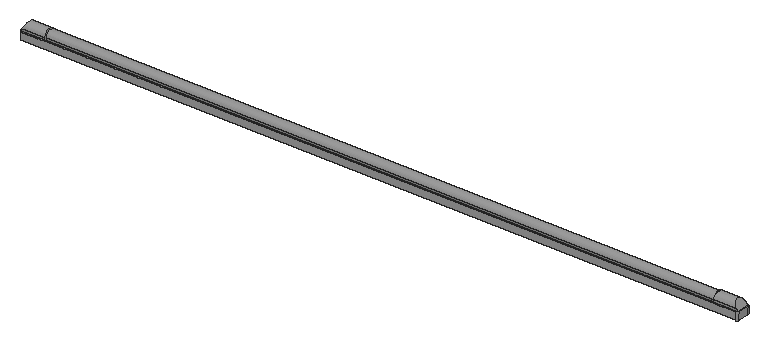
Revit family "0045161 Sylvania Lighting Fixture LED IP20 BATTEN L1800 SINGLE 4000K", category Lighting Fixtures, host Face, Revit 2017
Family settings
  Host = Face
  Round Connector Dimension = Use Diameter
  Part Type = Normal
  OmniClass Number = 23.80.70.00
  OmniClass Title = Lighting
  Cut with Voids When Loaded = No
  Light Source = Yes
  Shared = No
  Room Calculation Point = No
Parameters (values of type "0045161 LED IP20 BATTEN L1800 SINGLE 4000K")
  Width_SYL = if(Twin_SYL, 82 mm, 37 mm)  # 37 mm
  Weight = "14.4 kg"
  Wattage Comments = ""
  Wattage = 9.2903 W
  WarrantyStartDate [instance] = "n/a"
  WarrantyGuarantorParts = "n/a"
  WarrantyDurationUnit = "n/a"
  WarrantyDurationParts = "n/a"
  WarrantyDescription = "n/a"
  built-in parameter 1150110 = 1 (stored number, unit not read)
  Voltage = 230 V
  VisibilityTwin_SYL = Twin_SYL  # no
  VisibilitySingle_SYL = not(Twin_SYL)  # yes
  URL = "http://www.sylvania-lighting.com"
  TypeName = "LED IP20 BATTEN L1800 SINGLE 4000K"
  Type Image = <None>
  Type Comments = "n/a"
  Twin_SYL = no
  built-in parameter 1114217 = 1 (stored number, unit not read)
  Tilt Angle = -90.00°
  built-in parameter 1150109 = 1 (stored number, unit not read)
  built-in parameter 1150134 = 3
  built-in parameter 1150113 = 1 (stored number, unit not read)
  SerialNumber [instance] = "n/a"
  RadiusTube_SYL = 14 mm
  RadiusTubeSleeve_SYL = 15 mm
  RadiusRadius_SYL = 5 mm
  Photometric Web File = "0045161.ies"
  Material_3_FEILO = none
  PowerFactor = 0
  PowerConsumption = "24 W"
  NominalLength = 1800 mm
  NominalHeight = 47.5 mm
  NominalDepth = 42.5 mm
  Name = "LED IP20 BATTEN L1800 SINGLE 4000K"
  ModelReference = Name  # "LED IP20 BATTEN L1800 SINGLE 4000K"
  ModelNumber = "0045161"
  Model = Name  # "LED IP20 BATTEN L1800 SINGLE 4000K"
  Material = "n/a"
  ManufacturerName = "Feilo Sylvania"
  Manufacturer = "Feilo Sylvania"
  LuminousEfficacy = "120.8 lm/W"
  built-in parameter 1150105 = 109.82 (stored number, unit not read)
  Lumens = 1380 lm
  LuminaireType = ""
  built-in parameter 1150115 = 1 (stored number, unit not read)
  LightOutputRatio = "n/a"
  built-in parameter 1150137 = (empty or 0)
  built-in parameter 1150139 = (empty or 0)
  Length_SYL = 1800 mm
  LampsType = Lamp  # "LED"
  LampNominalLuminous = "2900 lm"
  LampMacAdamStep = "n/a"
  LampColourTemperature = "4000 K"
  LampColourRenderingIndex = "80"
  built-in parameter 1150112 = 1 (stored number, unit not read)
  built-in parameter 1150114 = 1 (stored number, unit not read)
  Lamp = "LED"
  Keynote = "16500"
  InstallationDate [instance] = "n/a"
  InputVoltage = "220-240V~"
  InputNominalFrequency = "50/60 Hz"
  built-in parameter 1150132 = (empty or 0)
  built-in parameter 1150102 = (empty or 0)
  built-in parameter 1150107 = 3200 (stored number, unit not read)
  built-in parameter 1150138 = (empty or 0)
  IngressProtection = "IP20"
  ImpactProtectionIndex = "IK02"
  built-in parameter 1150106 = 1.0982 (stored number, unit not read)
  IfcExportType = "IfcLightFixtureType"
  IfcExportAs = "IfcLightFixtureType"
  Height_SYL = if(Twin_SYL, 48 mm, 46 mm)  # 46 mm
  ExpectedLife = 50000
  Emit from Rectangle Width = Length_SYL - 124 mm  # 1676 mm
  Emit from Rectangle Length = if(Twin_SYL, 75 mm, 30 mm)  # 30 mm
  Emit Shape Visible in Rendering = no
  ElectricShockClassification = "Class I"
  built-in parameter 1150104 = 13.8 (stored number, unit not read)
  DurationUnit = "hours"
  DocumentationLiterature = "http://www.sylvania-lighting.com/product/en-int/products/0045161"
  DimmingControlOptions = "n/a"
  Material_2_FEILO = Tube-Sylvania-IP20LEDBatten
  Dimming Lamp Color Temperature Shift = <None>
  Description = "full range of LED Battens to replace traditional T8 battens (600mm, 1200mm, 1500mm and 1800mm), ease of installation, 24W, 2900 lum, 4000K, 25000h lifethtime"
  Default Elevation = 1219.2 mm
  CreatedOn = "6/5/2018"
  CreatedBy = "aron.fodor@sylvania-lighting.com"
  Cost = 0
  Color Filter = 16777215
  built-in parameter 1114216 [instance] = (empty or 0)
  ClassificationValue = "EF_70_80"
  ClassificationName = "Uniclass2015"
  Material_1_FEILO = Body-Sylvania-IP20LEDBatten
  BarCode [instance] = "n/a"
  built-in parameter 1114218 = 1 (stored number, unit not read)
  built-in parameter 1150133 = 10 (stored number, unit not read)
  AssetType = "Fixed"
  AssetIdentifier [instance] = "n/a"
  Assembly Code = "D5020200"
  Apparent Load = 24 VA
  Material_4_FEILO = none
Reference planes
  plane 1 "Center (Front/Back)": y = 0
  plane 2: z = 0
  plane 3 "Center (Left/Right)": x = 0
  plane 4: x = 900
  plane 5: x = -900
  plane 6: y = 18.5
  plane 7: y = -18.5
  plane 8: z = 39
  plane 9: z = 19
  plane 10: z = -7
  plane 11: z = 23.5
  plane 12: x = -898
  plane 13: x = 898
  plane 14: x = -838
  plane 15: x = 838
  plane 16: y = -22.5
  plane 17: y = 22.5
  plane 18: z = 38.5
  plane 19: z = 8.5
Forms (mm)
  Extrusion 1, solid, material "Body-Sylvania-IP20LEDBatten" <- "Material_1_FEILO"
    sketch origin (0, 0, 0) x (1, 0, 0) y (0, 1, 0)
      loop
        arc (-895, 18.5) -> (-898.536, 17.036) -> (-900, 13.5) r 5
        line (-900, 13.5) -> (-900, -13.5)
        arc (-900, -13.5) -> (-898.536, -17.036) -> (-895, -18.5) r 5
        line (-895, -18.5) -> (895, -18.5)
        arc (895, -18.5) -> (898.536, -17.036) -> (900, -13.5) r 5
        line (900, -13.5) -> (900, 13.5)
        arc (900, 13.5) -> (898.536, 17.036) -> (895, 18.5) r 5
        line (895, 18.5) -> (-895, 18.5)
    from 0 to 19
  Extrusion 2, solid, material "Body-Sylvania-IP20LEDBatten" <- "Material_1_FEILO", visible <- "VisibilitySingle_SYL"
    sketch origin (838, 1524, 1219.2) x (0, 1, 0) y (0, 0, 1)
      loop
        circle (-1524, -1195.7) r 15
    from 0 to 60
  Extrusion 3, solid, material "Body-Sylvania-IP20LEDBatten" <- "Material_1_FEILO", visible <- "VisibilitySingle_SYL"
    sketch origin (-898, 1524, 1219.2) x (0, 1, 0) y (0, 0, 1)
      loop
        circle (-1524, -1195.7) r 15
    from 0 to 60
  Extrusion 4, solid, material "Tube-Sylvania-IP20LEDBatten" <- "Material_2_FEILO", visible <- "VisibilitySingle_SYL"
    sketch origin (0, 0, 0) x (0, 1, 0) y (0, 0, 1)
      loop
        circle (0, 23.5) r 14
    from -838 to 838
  Extrusion 5, void
    sketch origin (0, 0, 0) x (1, 0, 0) y (0, 0, 1)
      loop
        line (900, 19) -> (900, 39) -> (886.453, 39) -> (898, 19) -> (900, 19)
      loop
        line (-886.453, 39) -> (-900, 39) -> (-900, 19) -> (-898, 19) -> (-886.453, 39)
    from -45 to 45
  Extrusion 6, solid, material "Body-Sylvania-IP20LEDBatten" <- "Material_1_FEILO", visible <- "VisibilityTwin_SYL"
    sketch origin (-838, 1524, 1219.2) x (0, 1, 0) y (0, 0, 1)
      loop
        arc (-1546.5, -1180.7) -> (-1561.5, -1195.7) -> (-1546.5, -1210.7) r 15
        line (-1546.5, -1210.7) -> (-1501.5, -1210.7)
        arc (-1501.5, -1210.7) -> (-1486.5, -1195.7) -> (-1501.5, -1180.7) r 15
        line (-1501.5, -1180.7) -> (-1546.5, -1180.7)
    from -60 to 0
  Extrusion 7, solid, material "Body-Sylvania-IP20LEDBatten" <- "Material_1_FEILO", visible <- "VisibilityTwin_SYL"
    sketch origin (838, 1524, 1219.2) x (0, 1, 0) y (0, 0, 1)
      loop
        line (-1501.5, -1180.7) -> (-1546.5, -1180.7)
        arc (-1546.5, -1180.7) -> (-1561.5, -1195.7) -> (-1546.5, -1210.7) r 15
        line (-1546.5, -1210.7) -> (-1501.5, -1210.7)
        arc (-1501.5, -1210.7) -> (-1486.5, -1195.7) -> (-1501.5, -1180.7) r 15
    from 0 to 60
  Extrusion 8, solid, material "Tube-Sylvania-IP20LEDBatten" <- "Material_2_FEILO", visible <- "VisibilityTwin_SYL"
    sketch origin (0, 0, 0) x (0, 1, 0) y (0, 0, 1)
      loop
        circle (-22.5, 23.5) r 14
      loop
        circle (22.5, 23.5) r 14
    from -838 to 838
Cuts and joins
  Extrusion 5 cuts Extrusion 1
  Extrusion 5 cuts Extrusion 6
  Extrusion 5 cuts Extrusion 7
  Extrusion 5 cuts Extrusion 2
  Extrusion 5 cuts Extrusion 3
Lines and regions (mm)
  reference lines
    curve 1: circle (0, 0, 23.5) r 15 normal (1, 0, 0)
    curve 2: circle (0, 0, 23.5) r 14 normal (1, 0, 0)
    curve 3: line (898, 0, 19) -> (886.453, 0, 39)
    curve 4: line (-898, 0, 19) -> (-886.453, 0, 39)
    curve 5: circle (0, -22.5, 23.5) r 15 normal (1, 0, 0)
    curve 6: circle (0, 22.5, 23.5) r 15 normal (1, 0, 0)
    curve 7: circle (0, 22.5, 23.5) r 14 normal (1, 0, 0)
    curve 8: circle (0, -22.5, 23.5) r 14 normal (1, 0, 0)
Dimensions and locks
  equal spacing: plane 5, plane 3 "Center (Left/Right)", plane 4
  "Length_SYL": plane 5 to plane 4
  equal spacing: plane 7, plane 1 "Center (Front/Back)", plane 6
  "Width_SYL": plane 7 to plane 6
  locked: plane 9 to plane 2 at 19
  locked: plane 2 to plane 10 at 7
  "Height_SYL": plane 10 to plane 8
  locked: plane 9 to plane 11 at 4.5
  equal spacing: plane 12, plane 3 "Center (Left/Right)", plane 13
  locked: plane 5 to plane 12 at 2
  equal spacing: plane 14, plane 3 "Center (Left/Right)", plane 15
  locked: plane 12 to plane 14 at 60
  equal spacing: plane 16, plane 1 "Center (Front/Back)", plane 17
  locked: plane 16 to plane 17 at 45
  equal spacing: plane 19, plane 11, plane 18
  "RadiusTubeSleeve_SYL": plane 11 to plane 18
  "RadiusTubeSleeve_SYL": radius of curve 1
  "RadiusTube_SYL": radius of curve 2
  "RadiusRadius_SYL": radius of Extrusion 1 sketch curve  (x4)
  "RadiusTube_SYL": radius of curve 8
  "RadiusTube_SYL": radius of curve 7
  "RadiusTubeSleeve_SYL": radius of curve 6
  "RadiusTubeSleeve_SYL": radius of curve 5
  locked: plane 9 to curve 3 (angle 120.00°)
  locked: curve 4 to plane 9 (angle 120.00°)
  aligned and locked: plane 2 to host face
  aligned and locked: level to host face
  aligned and locked: plane 1 "Center (Front/Back)" to curve 1
  aligned and locked: plane 11 to curve 1
  aligned and locked: plane 6 to Extrusion 1 sketch curve
  aligned and locked: plane 5 to Extrusion 1 sketch curve
  aligned and locked: Extrusion 1 sketch curve to plane 7
  aligned and locked: Extrusion 1 sketch curve to plane 4
  aligned and locked: Extrusion 1 to level
  aligned and locked: Extrusion 1 to plane 9
  aligned and locked: Extrusion 2 sketch curve to curve 1
  aligned and locked: plane 13 to Extrusion 2
  aligned and locked: Extrusion 2 to plane 15
  aligned and locked: Extrusion 3 sketch curve to curve 1
  aligned and locked: plane 14 to Extrusion 3
  aligned and locked: Extrusion 3 to plane 12
  aligned and locked: Extrusion 4 sketch curve to curve 2
  aligned and locked: Extrusion 4 to plane 14
  aligned and locked: plane 15 to Extrusion 4
  aligned and locked: plane 12 to curve 4
  aligned and locked: plane 9 to curve 4
  aligned and locked: plane 8 to curve 4
  aligned and locked: Extrusion 1 to Extrusion 5 sketch curve
  aligned and locked: curve 3 to Extrusion 5 sketch curve
  aligned and locked: Extrusion 5 sketch curve to plane 8  (x2)
  aligned and locked: Extrusion 5 sketch curve to curve 3
  aligned and locked: plane 9 to Extrusion 5 sketch curve
  aligned and locked: curve 4 to Extrusion 5 sketch curve
  aligned and locked: Extrusion 5 sketch curve to plane 5
  aligned and locked: Extrusion 5 sketch curve to curve 4
  aligned and locked: plane 17 to curve 7
  aligned and locked: plane 11 to curve 7
  aligned and locked: plane 11 to curve 6
  aligned and locked: plane 17 to curve 6
  aligned and locked: plane 16 to curve 8
  aligned and locked: plane 16 to curve 5
  aligned and locked: plane 11 to curve 8
  aligned and locked: plane 11 to curve 5
  aligned and locked: Extrusion 6 sketch curve to curve 5
  aligned and locked: Extrusion 6 sketch curve to curve 6
  aligned and locked: Extrusion 6 to plane 12
  aligned and locked: plane 14 to Extrusion 6
  aligned and locked: Extrusion 7 sketch curve to Extrusion 6  (x2)
  aligned and locked: plane 13 to Extrusion 7
  aligned and locked: Extrusion 7 to plane 15
  aligned and locked: Extrusion 8 sketch curve to curve 8
  aligned and locked: Extrusion 8 sketch curve to curve 7
  aligned and locked: plane 15 to Extrusion 8
  aligned and locked: Extrusion 8 to plane 14
  aligned and locked: imposter light to plane 3 "Center (Left/Right)"
  aligned and locked: imposter light to plane 1 "Center (Front/Back)"
  aligned and locked: imposter light to plane 18
Automatic sketch dimensions
  host sketch curve to host sketch curve = 2438.4 mm  (x2)
  curve 1 to curve 2 = 0 mm  (x2)
  curve 3 to plane 13 = 0 mm
  curve 3 to plane 9 = 0 mm
  Extrusion 5 sketch curve to plane 9 = 0 mm
  curve 6 to curve 7 = 0 mm
  Extrusion 6 sketch curve to Extrusion 6 sketch curve = 0 mm  (x2)
Connectors
  electrical at (0, 0, 0), driven by "Apparent Load", driven by "PowerFactor", driven by "Voltage"
    settings: index 1, voltage 230 V, apparent load 24 VA, apparent load phase1 0 VA, apparent load phase2 0 VA, apparent load phase3 0 VA, power factor 0, load classification "Lighting", number of poles 1, system type 30, power factor state 1, is connector primary yes, connector utility no, sub classification motor no, connector description ""
